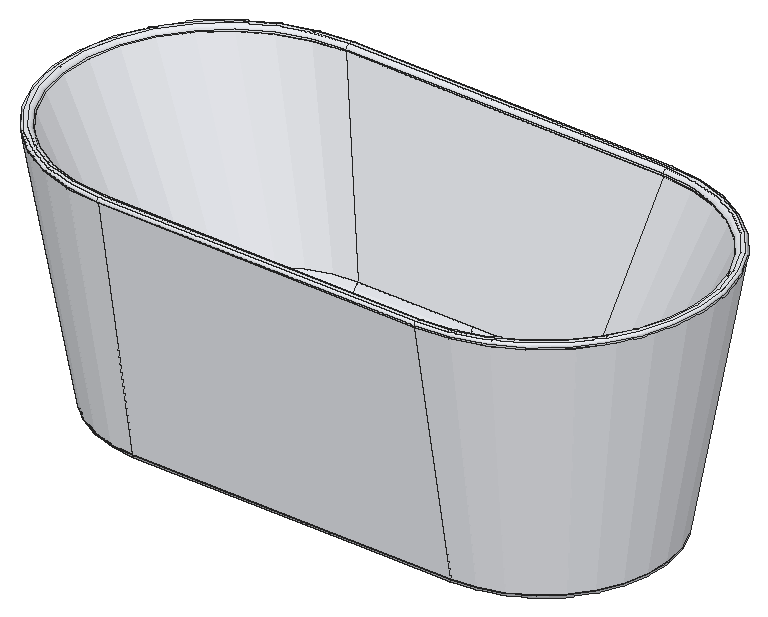
Revit family "CL50005-WFSN_CLARK ROUND 1400 FREESTANDING BATH NOF", category Plumbing Fixtures, host Face, Revit 2015
Parameters (values of type "CLARK ROUND 1400 Freestanding BATH NOF")
  Waste Connection = yes
  Vent Connection = no
  URL = "https://www.clark.com.au/"
  Model = "CL50005.WFSN"
  Material_Base = GWA-Acrylic-White
  Manufacturer = "GWA Bathrooms & Kitchens"  # constant formula
  HW Connection = no
  Description = "CLARK ROUND 1400 Freestanding BATH NOF"
  Default Elevation = 0 mm
  CreatedBy_ANZRS = "GWA Bathrooms & Kitchens"  # constant formula
  CW Connection = no
  Assembly Code = "D2010510"
Reference planes
  plane 1 "Center (Front/Back)": y = 0
  plane 2: z = 0
  plane 3 "Center (Left/Right)": x = 0
  plane 4 "RollHolder": z = 0
  plane 5 "Drain Hole": z = 100
  plane 6 "Overflow": through (0, -331.4, 549) normal (0, -0.9752, -0.2214)
Forms (mm)
  Blend 1, solid, material "GWA-Acrylic-White" <- "Material_Base"
    base sketch origin (0, 0, 0) x (-1, 0, 0) y (0, -1, 0)
      loop
        line (0, -255.6) -> (350, -255.6)
        arc (350, -255.6) -> (605.6, 0) -> (350, 255.6) r 255.6
        line (350, 255.6) -> (0, 255.6) -> (0, 209) -> (215.5, 209)
        arc (215.5, 209) -> (424.5, 0) -> (215.5, -209) r 209
        line (215.5, -209) -> (0, -209) -> (0, -255.6)
    top sketch origin (0, 0, 0) x (-1, 0, 0) y (0, -1, 0)
      loop
        line (0, -353.6) -> (350, -353.6)
        arc (350, -353.6) -> (703.6, 0) -> (350, 353.6) r 353.6
        line (350, 353.6) -> (0, 353.6) -> (0, 331.4) -> (350, 331.4)
        arc (350, 331.4) -> (681.4, 0) -> (350, -331.4) r 331.4
        line (350, -331.4) -> (0, -331.4) -> (0, -353.6)
    from 10 to 549
  Extrusion 2, void
    sketch origin (0, 0, 0) x (-1, 0, 0) y (0, -1, 0)
      loop
        line (0, 249) -> (0, -249) -> (342.669, -249)
        arc (342.669, -249) -> (591.669, 0) -> (342.669, 249) r 249
        line (342.669, 249) -> (0, 249)
    from 10 to 165
  Sweep 3, solid, material "GWA-Acrylic-White" <- "Material_Base"
    path origin (0, 0, 0) x (-1, 0, 0) y (0, -1, 0)
      loop
        line (0, 244.199) -> (254.178, 244.199)
        arc (254.178, 244.199) -> (498.377, 0) -> (254.178, -244.199) r 244.199
        line (254.178, -244.199) -> (0, -244.199)
    profile origin (-498.377, 0, 0) x (-1, 0, 0) y (0, 0, 1)
      loop
        line (-70, 120) -> (-70, 110) -> (4.8, 110) -> (4.8, 165) -> (0, 165)
        arc (0, 165) -> (-28.688, 132.682) -> (-70, 120) r 80
  Blend 4, solid, material "GWA-Acrylic-White" <- "Material_Base"
    base sketch origin (0, 0, 0) x (1, 0, 0) y (0, 1, 0)
      loop
        line (0, 255.6) -> (0, 209) -> (215.5, 209)
        arc (215.5, 209) -> (424.5, 0) -> (215.5, -209) r 209
        line (215.5, -209) -> (0, -209) -> (0, -255.6) -> (350, -255.6)
        arc (350, -255.6) -> (605.6, 0) -> (350, 255.6) r 255.6
        line (350, 255.6) -> (0, 255.6)
    top sketch origin (0, 0, 0) x (1, 0, 0) y (0, 1, 0)
      loop
        line (0, 353.6) -> (0, 331.4) -> (350, 331.4)
        arc (350, 331.4) -> (681.4, 0) -> (350, -331.4) r 331.4
        line (350, -331.4) -> (0, -331.4) -> (0, -353.6) -> (350, -353.6)
        arc (350, -353.6) -> (703.6, 0) -> (350, 353.6) r 353.6
        line (350, 353.6) -> (0, 353.6)
    from 10 to 549
  Sweep 5, solid, material "GWA-Acrylic-White" <- "Material_Base"
    path origin (0, 0, 0) x (1, 0, 0) y (0, -1, 0)
      loop
        line (0, 244.199) -> (254.178, 244.199)
        arc (254.178, 244.199) -> (498.377, 0) -> (254.178, -244.199) r 244.199
        line (254.178, -244.199) -> (0, -244.199)
    profile origin (498.377, 0, 0) x (-1, 0, 0) y (0, 0, 1)
      loop
        arc (70, 120) -> (28.688, 132.682) -> (0, 165) r 80
        line (0, 165) -> (-4.8, 165) -> (-4.8, 110) -> (70, 110) -> (70, 120)
  Sweep 6, solid, material "GWA-Acrylic-White" <- "Material_Base"
    path origin (0, 0, 0) x (-1, 0, 0) y (0, -1, 0)
      loop
        arc (350, -331.4) -> (681.4, 0) -> (350, 331.4) r 331.4
        line (350, 331.4) -> (-350, 331.4)
        arc (-350, 331.4) -> (-681.4, 0) -> (-350, -331.4) r 331.4
        line (-350, -331.4) -> (350, -331.4)
    profile origin (0, 331.4, 0) x (0, 1, 0) y (0, 0, 1)
      loop
        line (18.027, 559) -> (10.255, 559)
        arc (10.255, 559) -> (4.015, 556.815) -> (0.503, 551.214) r 10
        line (0.503, 551.214) -> (0, 549) -> (22.2, 549) -> (22.946, 553.106)
        arc (22.946, 553.106) -> (21.866, 557.204) -> (18.027, 559) r 5
  Sweep 7, solid, material "GWA-Acrylic-White" <- "Material_Base"
    path origin (0, 0, 0) x (-1, 0, 0) y (0, -1, 0)
      loop
        line (350, 255.6) -> (-350, 255.6)
        arc (-350, 255.6) -> (-605.6, 0) -> (-350, -255.6) r 255.6
        line (-350, -255.6) -> (350, -255.6)
        arc (350, -255.6) -> (605.6, 0) -> (350, 255.6) r 255.6
    profile origin (-605.6, 0, 0) x (-1, 0, 0) y (0, 0, 1)
      loop
        line (-0.325, 8.211) -> (0, 10) -> (-13.931, 10) -> (-13.931, 0) -> (-10.164, 0)
        arc (-10.164, 0) -> (-3.756, 2.322) -> (-0.325, 8.211) r 10
  Extrusion 8, void
    sketch origin (0, 0, 0) x (1, 0, 0) y (0, 1, 0)
      loop
        line (0, -249) -> (342.669, -249)
        arc (342.669, -249) -> (591.669, 0) -> (342.669, 249) r 249
        line (342.669, 249) -> (0, 249) -> (0, -249)
    from 10 to 165
  Revolve 9, solid, material "GWA-Acrylic-White" <- "Material_Base"
    sketch origin (0, 0, -20) x (0, 1, 0) y (0, 0, 1)
      loop
        line (-35, 120) -> (-35, 110) -> (-26.3, 110) -> (-26.3, 112)
        arc (-26.3, 112) -> (-29.386, 113.135) -> (-31, 116) r 4.761
        arc (-31, 116) -> (-32.172, 118.828) -> (-35, 120) r 4
      axis (0, 120) -> (0, 110)
    angle from 0 to 360
  Extrusion 10, solid, material "GWA-Acrylic-White" <- "Material_Base"
    sketch origin (0, 0, 0) x (-1, 0, 0) y (0, -1, 0)
      loop
        arc (-254.178, 174.199) -> (-428.377, 0) -> (-254.178, -174.199) r 174.199
        line (-254.178, -174.199) -> (254.178, -174.199)
        arc (254.178, -174.199) -> (428.377, 0) -> (254.178, 174.199) r 174.199
        line (254.178, 174.199) -> (-254.178, 174.199)
    from 90 to 120
  Blend 11, void
    base sketch origin (0, 0, 0) x (1, 0, 0) y (0, 1, 0)
      loop
        arc (254.178, -174.199) -> (428.377, 0) -> (254.178, 174.199) r 174.199
        line (254.178, 174.199) -> (-254.178, 174.199)
        arc (-254.178, 174.199) -> (-428.377, 0) -> (-254.178, -174.199) r 174.199
        line (-254.178, -174.199) -> (254.178, -174.199)
    top sketch origin (0, 0, 0) x (1, 0, 0) y (0, 1, 0)
      loop
        circle (0, 0) r 35
    from 120 to 100
  Extrusion 12, void
    sketch origin (0, 0, 100) x (-1, 0, 0) y (0, -1, 0)
      loop
        circle (0, 0) r 35
    from -33.731 to 28.399
  Sweep 13, solid, material "GWA-Acrylic-White" <- "Material_Base"
    path origin (0, 0, 0) x (1, 0, 0) y (0, 1, 0)
      loop
        arc (350, -255.6) -> (605.6, 0) -> (350, 255.6) r 255.6
        line (350, 255.6) -> (-350, 255.6)
        arc (-350, 255.6) -> (-605.6, 0) -> (-350, -255.6) r 255.6
        line (-350, -255.6) -> (350, -255.6)
    profile origin (0, -255.6, 0) x (0, -1, 0) y (0, 0, 1)
      loop
        arc (-9.747, 0) -> (-3.66, 2.206) -> (-0.4, 7.801) r 9.5
        line (-0.4, 7.801) -> (0, 10) -> (-9.6, 10) -> (-9.6, 0.001)
Cuts and joins
  joined: Sweep 3, Sweep 5, Sweep 6
  Extrusion 2, Extrusion 8 cuts Blend 1
  Extrusion 8 cuts Blend 4
  Extrusion 8 cuts Sweep 7
  joined: Blend 1, Blend 4, Sweep 7
  Blend 11 cuts Revolve 9
  Blend 11, Extrusion 12 cuts Extrusion 10
Lines and regions (mm)
  Masking region 1
    outline origin (0, 0, 100) x (-1, 0, 0) y (0, -1, 0)
      loop
        line (-350, -353.6) -> (350, -353.6)
        arc (350, -353.6) -> (703.6, 0) -> (350, 353.6) r 353.6
        line (350, 353.6) -> (-350, 353.6)
        arc (-350, 353.6) -> (-703.6, 0) -> (-350, -353.6) r 353.6
  Masking region 2
    outline origin (0, 0, 0) x (1, 0, 0) y (0, 0, 1)
      loop
        line (-704.346, 553.106) -> (-605.275, 8.211)
        arc (-605.275, 8.211) -> (-601.844, 2.322) -> (-595.436, 0) r 10
        line (-595.436, 0) -> (595.436, 0)
        arc (595.436, 0) -> (601.844, 2.322) -> (605.275, 8.211) r 10
        line (605.275, 8.211) -> (704.346, 553.106)
        arc (704.346, 553.106) -> (703.266, 557.204) -> (699.427, 559) r 5
        line (699.427, 559) -> (-699.427, 559)
        arc (-699.427, 559) -> (-703.266, 557.204) -> (-704.346, 553.106) r 5
  Masking region 3
    outline origin (0, 0, 0) x (0, 1, 0) y (0, 0, 1)
      loop
        arc (-255.275, 8.212) -> (-251.844, 2.324) -> (-245.436, 0.001) r 10
        line (-245.436, 0.001) -> (245.436, 0.001)
        arc (245.436, 0.001) -> (251.844, 2.324) -> (255.275, 8.212) r 10
        line (255.275, 8.212) -> (354.346, 553.106)
        arc (354.346, 553.106) -> (353.266, 557.204) -> (349.427, 559) r 5
        line (349.427, 559) -> (-349.427, 559)
        arc (-349.427, 559) -> (-353.266, 557.204) -> (-354.346, 553.106) r 5
        line (-354.346, 553.106) -> (-255.275, 8.212)
  symbolic lines
    curve 1: arc (-350, -331.4, 100) -> (-681.4, 0, 100) -> (-350, 331.4, 100) r 331.4
    curve 2: line (350, -331.4, 100) -> (-350, -331.4, 100)
    curve 3: arc (350, 331.4, 100) -> (681.4, 0, 100) -> (350, -331.4, 100) r 331.4
    curve 4: line (-350, 331.4, 100) -> (350, 331.4, 100)
    curve 5: arc (-254.178, -244.199, 100) -> (-498.377, 0, 100) -> (-254.178, 244.199, 100) r 244.199
    curve 6: line (-254.178, 244.199, 100) -> (254.178, 244.199, 100)
    curve 7: arc (254.178, 244.199, 100) -> (498.377, 0, 100) -> (254.178, -244.199, 100) r 244.199
    curve 8: line (254.178, -244.199, 100) -> (-254.178, -244.199, 100)
    curve 9: circle (0, 0, 100) r 30 normal (0, 0, 1)
Dimensions and locks
  aligned and locked: plane 2 to host face
  aligned and locked: level to host face
Connectors
  piping at (0, 0, 100), diameter 40
    settings: index 1, connector inside diameter 609.6 mm, connector length 0 mm, flow factor 0, pipe flow 0.0 L/s, pressure drop 0.0 Pa, fitting loss kfactor 0, connector angle 0.00°, fixture units 0, engagement length 0 mm, angle of deflection 0.00°, flow configuration 0, flow direction 2, fitting loss method 0, system type 16, joint type 0, gender type 0, connector reference index -1, connector utility 0, adjustable connector no, is connector primary yes, connector description ""
